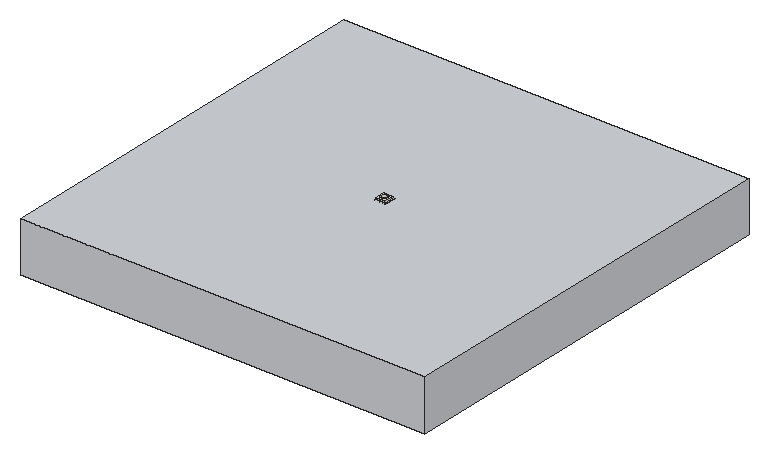
Revit family "Gira_046603", category Elektroinstallationen, Revit 2017
Family settings
  Basisbauteil = Fläche
  Beschriftungsausrichtung beibehalten = Ja
  Bemaßung runder Anschluss = Durchmesser verwenden
  Teiletyp = Normal
  Beim Laden mit Abzugskörper schneiden = Nein
  Gemeinsam genutzt = Nein
  Raumberechnungspunkt = Nein
Parameters
  Überspannungsschutz = no
  Werkstoffgüte = "Thermoplast"
  Werkstoff = "Kunststoff"
  Verdrehter Zentraleinsatz = no
  URL = "https://www.gira.de/"
  Typname = "SCHUKO o.Kr. System 55 Reinweiß"
  Transparent = no
  Textfeld/Beschriftungsfläche = no
  Sonderstromversorgung = "ohne Sonderstromversorgung"
  Schutzleiterkontakt rund = no
  Schutzkontakt = yes
  RAL-Nummer (ähnlich) = 9010
  Produktseite = "http://katalog.gira.de/de_DE/datenblatt.html?artikelnr=046603"
  Oberfläche = "sonstige"
  Nennstrom = 16 A
  Nennspannung [Volt] 14 = 250
  Nennspannung [Volt] 12 = 250
  Montageart = "Unterputz"
  Modell = "SYS55_Steckdose"
  Default Elevation = 1219.2 mm
  Mit erhöhtem Berührungsschutz = no
  Mit eingebauter USB-Spannungsversorgung = no
  Mit Signallampe = no
  Mit Orientierungsbeleuchtung = no
  Mit Klappdeckel = no
  Mit Funktionsbeleuchtung = no
  Mit Feinsicherung = no
  Mit Ein-/Ausschalter = no
  Mit Durchschleiffunktion = no
  Min. Tiefe der Gerätedose [m] = 0.032
  Isolierter Einbau = no
  Hersteller = "Gira"
  Halogenfrei = yes
  HAN = "046603"
  Geeignet für Schutzart (IP) = "IP20"
  GTIN = "4010337466031"
  Für "erschwerte Bedingungen" (nach VDE) = no
  Frequenz [Hz] = "[50:50]"
  Fehlerstromschutz = no
  Farbe = "weiß"
  Datenblatt = "https://katalog.gira.de/de_DE/download.html?artikelnr=046603"
  Cremeweiß glänzend = Cremeweiß glänzend
  Beschreibung = "SCHUKO-Steckdose 16 A 250 V~ ohne Befestigungskrallen  Reinweiß glänzend"
  Befestigungsart = "Befestigung mit Schraube"
  BIM = "https://media.stage.bim.site/public/gira/876eb45/SYS55_Steckdose.rfa"
  Auswurfmechanismus = no
  Ausführung der Oberfläche = "glänzend"
  Ausführung = "SCHUKO"
  Aufdruck/Kennzeichnung = "ohne Aufdruck"
  Anzahl der Steckdosen schaltbar = 0
  Anzahl der Module (bei Modulbauweise) = 1
  Anzahl der Einheiten = 1
  Antibakterielle Behandlung = no
  Anschlussart = "Steckklemme"
  Abschließbar = no
Reference planes
  plane 1 "Center (Front/Back)": y = 0
  plane 2 "Reference Level 0": z = 0
  plane 3 "Center (Left/Right)": x = 0
  plane 4: x = 9.5
  plane 5: x = -9.5
  plane 6: x = 9.5
  plane 7: x = -9.5
  plane 8: x = 9.5
  plane 9: x = -9.5
  plane 10: x = 17.5
  plane 11 "Reference Level 1": z = 8.2
Forms (mm)
  Extrusion 1, solid
    sketch origin (0, 0, 0) x (1, 0, 0) y (0, 1, 0)
      loop
        line (-1219.2, 1219.2) -> (-1219.2, -1219.2) -> (1219.2, -1219.2) -> (1219.2, 1219.2) -> (-1219.2, 1219.2)
    from 0 to -304.8
  Extrusion 2, solid, material "Cremeweiß glänzend" <- "Cremeweiß glänzend", detail levels coarse
    sketch origin (0, 0, 0) x (1, 0, 0) y (0, 1, 0)
      loop
        line (-35.5, 35.5) -> (-35.5, -35.5) -> (35.5, -35.5) -> (35.5, 35.5) -> (-35.5, 35.5)
    from -27.5 to 8.2
  Extrusion 3, solid, material "Cremeweiß glänzend" <- "Cremeweiß glänzend", detail levels medium+fine
    sketch origin (0, 0, 0) x (1, 0, 0) y (0, 1, 0)
      loop
        line (-35.5, 35.5) -> (-35.5, -35.5) -> (35.5, -35.5) -> (35.5, 35.5) -> (-35.5, 35.5)
    from -2.2 to -3.2
  Extrusion 4, solid, material "Cremeweiß glänzend" <- "Cremeweiß glänzend", detail levels medium+fine
    sketch origin (0, 0, 0) x (1, 0, 0) y (0, 1, 0)
      loop
        line (-27.5, 27.5) -> (-27.5, -27.5) -> (27.5, -27.5) -> (27.5, 27.5) -> (-27.5, 27.5)
      loop
        circle (0, 0) r 19.2
    from 0 to 8.2
  Extrusion 5, solid, material "Cremeweiß glänzend" <- "Cremeweiß glänzend", detail levels fine
    sketch origin (0, 0, 0) x (1, 0, 0) y (0, 1, 0)
      loop
        circle (0, 0) r 19.2
      loop
        circle (9.5, 0) r 2.8
      loop
        circle (-9.5, 0) r 2.8
    from 0 to 1
  Extrusion 6, solid, material "Cremeweiß glänzend" <- "Cremeweiß glänzend", detail levels fine
    sketch origin (0, 0, 0) x (1, 0, 0) y (0, 1, 0)
      loop
        circle (-9.5, 0) r 2.8
      loop
        circle (9.5, 0) r 2.8
    from -2.2 to 0.3
  Extrusion 7, solid, material "Cremeweiß glänzend" <- "Cremeweiß glänzend", detail levels medium
    sketch origin (0, 0, 0) x (1, 0, 0) y (0, 1, 0)
      loop
        circle (0, 0) r 19.2
      loop
        circle (9.5, 0) r 2.8
      loop
        circle (-9.5, 0) r 2.8
    from 7.2 to 8.2
  Extrusion 8, solid, material "Cremeweiß glänzend" <- "Cremeweiß glänzend", detail levels medium
    sketch origin (0, 0, 0) x (1, 0, 0) y (0, 1, 0)
      loop
        circle (-9.5, 0) r 2.8
      loop
        circle (9.5, 0) r 2.8
    from 7.2 to 8.2
  Extrusion 9, solid, material "Cremeweiß glänzend" <- "Cremeweiß glänzend", detail levels medium+fine
    sketch origin (0, 0, 0) x (1, 0, 0) y (0, 1, 0)
      loop
        line (-20.5, 9) -> (-20.5, -18) -> (20.5, -18) -> (20.5, 9) -> (17.5, 9) -> (3, 21) -> (3, 24) -> (-3, 24) -> (-3, 21) -> (-17.5, 9) -> (-20.5, 9)
    from 0 to -27.5
  Extrusion 10, solid, material "Cremeweiß glänzend" <- "Cremeweiß glänzend", detail levels medium+fine
    sketch origin (0, 0, 0) x (1, 0, 0) y (0, 1, 0)
      loop
        line (-25, 5.5) -> (-25, -5.5) -> (-24, -5.5) -> (-24, 5.5) -> (-25, 5.5)
    from 0 to -27.5
  Extrusion 11, solid, material "Cremeweiß glänzend" <- "Cremeweiß glänzend", detail levels medium+fine
    sketch origin (0, 0, 0) x (-1, 0, 0) y (0, -1, 0)
      loop
        line (-25, 5.5) -> (-25, -5.5) -> (-24, -5.5) -> (-24, 5.5) -> (-25, 5.5)
    from 0 to -27.5
Dimensions and locks
  aligned and locked: plane 2 "Reference Level 0" to Extrusion 1
  aligned and locked: level to Extrusion 1
  aligned and locked: plane 3 "Center (Left/Right)" to nested 1
  aligned and locked: plane 1 "Center (Front/Back)" to nested 1
Nested families
  nested 1: "Steckdose 1-fach Beschriftung" at (0, 0, 0), type "Steckdose 1-fach Beschriftung"
Connectors
  electrical at (0, 9, -27.5)
    settings: on Extrusion 9, index 1, voltage 220 V, apparent load 0 VA, apparent load phase1 0 VA, apparent load phase2 0 VA, apparent load phase3 0 VA, power factor 1, load classification "Other", number of poles 1, system type 31, power factor state 1, is connector primary yes, connector utility no, sub classification motor no, connector description ""
Definition of nested family "Steckdose 1-fach Beschriftung"
  Reference planes
    plane 1: y = 0
    plane 2: x = 0
  Lines and regions (mm)
    detail lines
      curve 1: line (0, 0, 0) -> (0, 2, 0)
      curve 3: line (0, 2, 0) -> (-1, 2, 0)
      curve 4: arc (1, 3, 0) -> (0, 2, 0) -> (-1, 3, 0) r 1
      curve 5: line (0, 2, 0) -> (1, 2, 0)
    reference lines
      curve 2: line (-0.485, 3, 0) -> (2.315, 3, 0)
  Dimensions and locks
    curve 1 to curve 1 = 2 mm
    plane 1 to curve 2 = 3 mm
    curve 3 to curve 3 = 1 mm
